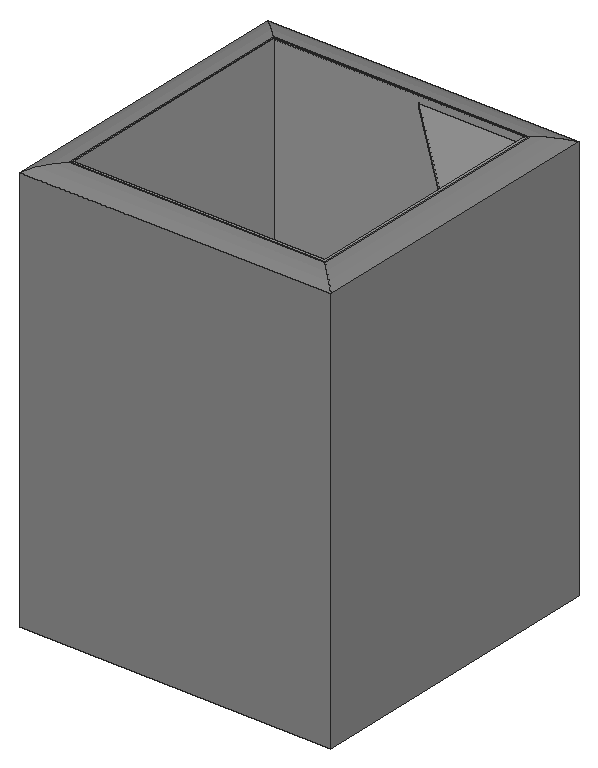
Revit family "urna_kil", category Антураж, Revit 2017
Family settings
  На основе рабочей плоскости = Нет
  Всегда вертикально = Да
  При загрузке вырезать с полостями = Нет
  Источник визуального образа = Геометрия семейства
  Общий = Нет
  Точка расчета площади = Нет
Parameters (values of type ""Киль" Шахматка")
  Ширина = 450 mm
  Производитель = "ГК Очаковский комбинат ЖБИ"  # constant formula
  Позиция = ""
  Поверхность = ""
  Площадь [instance] = 1.293 m²
  Описание изделия [instance] = "Несмотря на важную утилитарную функцию, эти изделия могут стать достойным элементом системы благоустройства Мы предлагаем красивые стильные урны, которые могут быть выполнены в едином стиле с общим архитектурным ансамблем близлежащих построек или ранее установленных элементов благоустройств. Все урны комплектуются ведром с отдельной пепельницей для удобства использования и её очистки."
  Объем бетона = 0.052 m³
  Обозначение = ""
  Наименование = "Урна \"Киль\""
  Морозостойкость [instance] = "F150"
  Материал контейнера = Сталь, окрашенная, слоновая кость, блестящая
  Материал = Очаковский_Шахматка
  Масса [instance] = 130.00 kg
  Класс бетона [instance] = "В30"
  Защитное покрытие [instance] = 1.09
  Длина = 450 mm
  Watermarked By = ""
  Высота = 600 mm
  Водонепроницаемость [instance] = "W8"
  Внутр.Ширина [instance] = 370 mm
  Внутр.Длина [instance] = 370 mm
  URL = "http://file-system.ru/catalog/blagoustroystvo/sadovo_parkovaya_mebel/spm_urny/urny/kil_urna/"
Types (10, lengths in mm): name | Материал | URL
  (no name) | Очаковский_Шахматка | "http://file-system.ru/catalog/blagoustroystvo/sadovo_parkovaya_mebel/spm_urny/urny/kil_urna/"
  "Киль" Белая | Очаковский_Белый | 0
  "Киль" Белый шелк | Очаковский_Белый_Шелк | 0
  "Киль" Крымский берег | Очаковский_Крымский_берег | 0
  "Киль" Светло-серый | Очаковский_Светло-серый | 0
  "Киль" Морская соль | Очаковский_Морская_соль | 0
  "Киль" Московский гравий | Очаковский_Московский_гравий | 0
  "Киль" Черный глянец | Очаковский_Черный_глянец | 0
  "Киль" Черный шелк | Очаковский_Черный_шелк | 0
  "Киль" Шахматка | Очаковский_Шахматка | "http://file-system.ru/catalog/blagoustroystvo/sadovo_parkovaya_mebel/spm_urny/urny/kil_urna/"
Reference planes
  plane 1 "По центру (Вперед/Назад)": y = 0
  plane 2: z = 0
  plane 3 "По центру (Влево/Вправо)": x = 0
  plane 4: z = 600
  plane 5: x = 225
  plane 6: x = -225
  plane 7: y = -225
  plane 8: y = 225
  plane 9: z = 50
  plane 10: x = -185
  plane 11: x = 185
  plane 12: y = 185
  plane 13: y = -185
Forms (mm)
  Extrusion 1, solid, material "Очаковский_Шахматка" <- "Материал", detail levels medium+fine
    sketch origin (0, 0, 0) x (1, 0, 0) y (0, 1, 0)
      loop
        line (-225, 225) -> (-225, -225) -> (225, -225) -> (225, 225) -> (-225, 225)
    from 0 to 600
  Extrusion 2, void
    sketch origin (-586.168, -1524, 50) x (-1, 0, 0) y (0, -1, 0)
      loop
        line (-401.168, -1709) -> (-401.168, -1339) -> (-771.168, -1339) -> (-771.168, -1709) -> (-401.168, -1709)
    from 0 to 550
  Extrusion 3, solid, material "Сталь, окрашенная, слоновая кость, блестящая" <- "Материал контейнера", detail levels fine
    sketch origin (-586.168, -1524, 50) x (-1, 0, 0) y (0, -1, 0)
      loop
        line (-771.168, -1709) -> (-401.168, -1709) -> (-401.168, -1339) -> (-771.168, -1339) -> (-771.168, -1709)
      loop
        line (-404.168, -1706) -> (-404.168, -1342) -> (-768.168, -1342) -> (-768.168, -1706) -> (-404.168, -1706)
    from 0 to 550
  Extrusion 4, solid, material "Сталь, окрашенная, слоновая кость, блестящая" <- "Материал контейнера", detail levels fine
    sketch origin (400, -1524, 600) x (0, -1, 0) y (-1, 0, 0)
      loop
        line (-1706, 371.891) -> (-1706, 218) -> (-1552.109, 218) -> (-1706, 371.891)
    from 10 to 14
  Sweep 5, void
    path origin (400, -1524, 600) x (0, -1, 0) y (1, 0, 0)
      loop
        line (-1299, -625) -> (-1299, -175) -> (-1749, -175) -> (-1749, -625) -> (-1299, -625)
    profile origin (-225, 0, 600) x (-1, 0, 0) y (0, 0, 1)
      loop
        arc (-40, 0) -> (-19.384, -2.538) -> (0, -10) r 85
        line (0, -10) -> (0, 0) -> (-40, 0)
Cuts and joins
  Extrusion 2, Sweep 5 cuts Extrusion 1
Dimensions and locks
  "Высота": plane 4 to plane 2
  equal spacing: plane 6, plane 3 "По центру (Влево/Вправо)", plane 5
  "Длина": plane 6 to plane 5
  equal spacing: plane 8, plane 1 "По центру (Вперед/Назад)", plane 7
  "Ширина": plane 8 to plane 7
  equal spacing: plane 10, plane 3 "По центру (Влево/Вправо)", plane 11
  equal spacing: plane 12, plane 1 "По центру (Вперед/Назад)", plane 13
  "Внутр.Ширина": plane 12 to plane 13
  "Внутр.Длина": plane 10 to plane 11
  locked: Extrusion 3 sketch curve to cut or joined group of Extrusion 1, Extrusion 2, Sweep 5 at 3  (x3)
  locked: cut or joined group of Extrusion 1, Extrusion 2, Sweep 5 to Extrusion 3 sketch curve at 3
  aligned and locked: level to plane 2
  aligned and locked: plane 8 to Extrusion 1 sketch curve
  aligned and locked: Extrusion 1 sketch curve to plane 6
  aligned and locked: Extrusion 1 sketch curve to plane 7
  aligned and locked: plane 5 to Extrusion 1 sketch curve
  aligned and locked: Extrusion 1 to plane 4
  aligned and locked: Extrusion 2 to plane 4
  aligned and locked: Extrusion 3 sketch curve to cut or joined group of Extrusion 1, Extrusion 2, Sweep 5  (x4)
  aligned and locked: Extrusion 3 to plane 4
  aligned and locked: plane 10 to Extrusion 2 sketch curve
  aligned and locked: Extrusion 2 sketch curve to plane 12
  aligned and locked: Extrusion 2 sketch curve to plane 11
  aligned and locked: Extrusion 2 sketch curve to plane 13
  aligned and locked: Extrusion 4 to Extrusion 3  (x2)
  aligned and locked: Sweep 5 sketch curve to cut or joined group of Extrusion 1, Extrusion 2, Sweep 5  (x4)
  aligned and locked: plane 3 "По центру (Влево/Вправо)" to nested 1
  aligned and locked: plane 1 "По центру (Вперед/Назад)" to nested 1
Automatic sketch dimensions
  Extrusion 4 sketch curve to plane 12 = 3 mm
  Extrusion 4 sketch curve to plane 1 "По центру (Вперед/Назад)" = 28.109 mm
  plane 3 "По центру (Влево/Вправо)" to Extrusion 4 sketch curve = 28.109 mm
  Extrusion 4 sketch curve to plane 11 = 3 mm
  Sweep 5 sketch curve to plane 4 = 0 mm
  Sweep 5 sketch curve to profile plane = 0 mm
  profile plane to Sweep 5 sketch curve = 40 mm
  Sweep 5 sketch curve to Sweep 5 sketch curve = 85 mm
Nested families
  nested 1: "МАФ Прямоугольный низкая дет" at (0, 0, 0), Высота <- "Высота", Длина <- "Длина", Ширина <- "Ширина", type "МАФ Прямоугольный низкая дет"
    with Ширина 450 mm, Длина 450 mm, Высота 600 mm
Definition of nested family "МАФ Прямоугольный низкая дет"
  Parameters (values of type "МАФ Прямоугольный низкая дет")
    Ширина [instance] = 200 mm
    Длина [instance] = 400 mm
    Высота [instance] = 600 mm
    Watermarked By = ""
    Type Comments = "﻿﻿             ﻿     ﻿                                                          ﻿   ​ ﻿                 ​     ﻿ ​                ​   ​   ​   ​ ​   ​ ​ ​​​ ​ ​​       ﻿﻿"
    Keynote = "﻿﻿             ﻿     ﻿                                                          ﻿   ​ ﻿                 ​     ﻿ ​                ​   ​   ​   ​ ​   ​ ​ ​​​ ​ ​​       ﻿﻿"
    Description = "﻿﻿             ﻿     ﻿                                                          ﻿   ​ ﻿                 ​     ﻿ ​                ​   ​   ​   ​ ​   ​ ​ ​​​ ​ ​​       ﻿﻿"
    Assembly Code = "﻿﻿             ﻿     ﻿                                                          ﻿   ​ ﻿                 ​     ﻿ ​                ​   ​   ​   ​ ​   ​ ​ ​​​ ​ ​​       ﻿﻿"
  Reference planes
    plane 1 "По центру (Вперед/Назад)": y = 0
    plane 2: z = 0
    plane 3 "По центру (Влево/Вправо)": x = 0
    plane 4: x = -200
    plane 5: x = 200
    plane 6: y = -100
    plane 7: y = 100
    plane 8: z = 600
  Forms (mm)
    Extrusion 1, solid, detail levels coarse
      sketch origin (0, 0, 0) x (1, 0, 0) y (0, 1, 0)
        loop
          line (-200, 100) -> (-200, -100) -> (200, -100) -> (200, 100) -> (-200, 100)
      from 0 to 600
  Dimensions and locks
    equal spacing: plane 6, plane 1 "По центру (Вперед/Назад)", plane 7
    "Ширина": plane 6 to plane 7
    equal spacing: plane 4, plane 3 "По центру (Влево/Вправо)", plane 5
    "Длина": plane 4 to plane 5
    "Высота": plane 8 to level
    aligned and locked: level to plane 2
    aligned and locked: Extrusion 1 sketch curve to plane 5
    aligned and locked: Extrusion 1 sketch curve to plane 7
    aligned and locked: Extrusion 1 sketch curve to plane 6
    aligned and locked: Extrusion 1 sketch curve to plane 4
    aligned and locked: plane 8 to Extrusion 1
  Automatic sketch dimensions
    Extrusion 1 sketch curve to plane 5 = 0 mm
